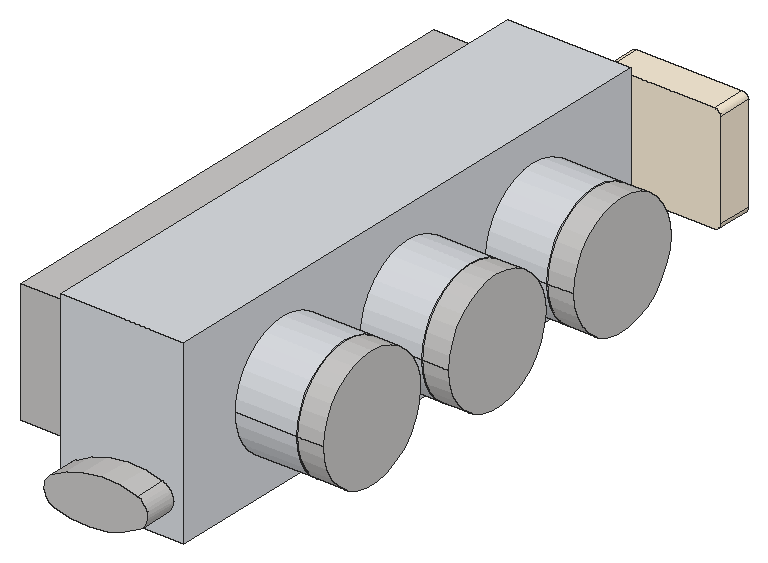
Revit family "HVAC_Ductwork_Airzone_Motorized-Plenum_LG_Standard_3-Dampers", category Mechanical Equipment, Revit 2016
Family settings
  Part Type = Normal
  Round Connector Dimension = Use Diameter
  OmniClass Number = 23.75.70.14
  OmniClass Title = Air Ductwork
  Work Plane-Based = No
  Always vertical = Yes
  Cut with Voids When Loaded = No
  Shared = No
  Room Calculation Point = No
Parameters (values of type "LGEST02S3")
  Voltage = 230 V
  URL = "www.airzone.es"
  Type Image Comments = "Image available in product documentation download"  # constant formula
  Revit Model Version = "1.0"  # constant formula
  Revit Model Author URL = "www.a3d.es"
  Revit Model Author = "A3D Consulting"  # constant formula
  Product Documentation Download URL = "http://doc.airzone.es/BIM/Easyzone/LG-Airzone_motorized_plenum.zip"
  Product Comments = "Refer to technical documentation for further details"  # constant formula
  Power Factor = 1
  Neck Width = 860.600 mm
  Neck Length = 95.000 mm
  Neck Height = 203.600 mm
  Material = Metal - AIRZONE - Galvanized Sheet - Semi-polished
  Main Control Board Material = Plastic - AIRZONE - Smooth - Off-white
  Load Classification = Other
  Insulated Body Width = 205.000 mm  # constant formula
  Insulated Body Material = Metal -AIRZONE - Insulating Lining -Aluminum Finish
  Insulated Body Length = 930.000 mm  # constant formula
  Insulated Body Height = 300.000 mm  # constant formula
  Flow [instance] = Damper 3 Air Flow + Damper 2 Air Flow + Damper 1 Air Flow - Fresh Air Inlet 2 Flow - Fresh Air Inlet 1 Flow  # 900 m³/h
  Fresh Air Inlet 1 Flow [instance] = 0 m³/h
  Fresh Air Inlet 2 Flow [instance] = 0 m³/h
  Fresh Air Inlet Connection Width = 175.000 mm
  Fresh Air Inlet Connection Height = 75.000 mm
  Model = "LGEST02S3"
  Neck Side Offset = 34.700 mm
  Neck Bottom Offset = 63.200 mm
  Type Image = <None>
  Manufacturer = "AIRZONE"  # constant formula
  Main Control Board Depth = 57.000 mm  # constant formula
  Main Control Board Width = 195.000 mm  # constant formula
  Main Control Board Height = 180.000 mm  # constant formula
  Fixing = ""
  Disclaimer = "All information provided in this model is reviewed before being published. However, Airzone cannot guarantee this model is error-free, therefore users are strongly encouraged to check for technical documentation and updates"  # constant formula
  Description = "Airzone standard motorized plenum with neck that mechanically adapts to the main ducted AC units of LG."
  Type Comments = ""
  Dampers Length = 149.000 mm  # constant formula
  Dampers Diameter = 200.000 mm  # constant formula
  Damper 1 Air Flow [instance] = 300 m³/h
  Damper 2 Air Flow [instance] = 300 m³/h
  Damper 3 Air Flow [instance] = 300 m³/h
  Fresh Air Inlet Connection Offset Height = 48.305 mm  # constant formula
  Compatible Accesories = ""
  Apparent Load = 57.5 VA
Types (3, lengths in mm): name | Neck Width | Neck Height | Model | Neck Side Offset | Neck Bottom Offset
  LGEST02S3 | 860.600 | 203.600 | "LGEST02S3" | 34.700 | 63.200
  LGEST01M3 | 833.600 | 189.600 | "LGEST01M3" | 59.200 | 77.200
  LGEST01S3 | 753.600 | 166.600 | "LGEST01S3" | 88.200 | 100.200
Reference planes
  plane 1 "Center (Front/Back)": y = 0
  plane 2 "Center (Elevation)": z = 0
  plane 3 "Center (Left/Right)": x = 0
  plane 4 "Neck Back": y = 430.3
  plane 5 "Neck Front": y = -430.3
  plane 6 "Neck Top": z = 101.8
  plane 7 "Neck Bottom": z = -101.8
  plane 8 "Left": x = 95
  plane 9 "Bottom": z = -165
  plane 10 "Top": z = 135
  plane 11 "Front": y = -465
  plane 12 "Back": y = 465
  plane 13 "Right": x = 300
  plane 14 "Dampers Front": x = 449
  plane 15 "Dampers Center (Elevation)": z = -15
  plane 16 "Damper3": y = -260
  plane 17 "Damper2": y = 0
  plane 18 "Damper1": y = 260
  plane 19 "Middle": y = 0
  plane 20 "FreshAir Center (Elevation)": z = -116.695
  plane 21 "FreshAir1": y = 517.5
  plane 22 "FreshAir2": y = -517.5
  plane 23 "Dampers Lining": x = 404
  plane 24 "FreshAir Vertical Axis": x = 195.83
  plane 25 "ConnectionBox Side": x = 254
  plane 26 "Main Control Board Center (Left/Right)": x = 351.5
Forms (mm)
  Extrusion 1, solid, material "Metal - AIRZONE - Galvanized Sheet - Semi-polished" <- "Material"
    sketch origin (0, 0, 0) x (0, 1, 0) y (0, 0, 1)
      loop
        line (-430.3, 101.8) -> (-430.3, -101.8) -> (430.3, -101.8) -> (430.3, 101.8) -> (-430.3, 101.8)
    from 0 to 95
  Extrusion 2, solid, material "Metal -AIRZONE - Insulating Lining -Aluminum Finish" <- "Insulated Body Material"
    sketch origin (95, 0, 0) x (0, 1, 0) y (0, 0, 1)
      loop
        line (-465, 135) -> (-465, -165) -> (465, -165) -> (465, 135) -> (-465, 135)
    from 0 to 205
  Extrusion 3, solid, material "Metal - AIRZONE - Galvanized Sheet - Semi-polished" <- "Material"
    sketch origin (300, 0, 0) x (0, 1, 0) y (0, 0, 1)
      loop
        circle (-260, -15) r 100
    from 104 to 149
  Extrusion 4, solid, material "Metal - AIRZONE - Galvanized Sheet - Semi-polished" <- "Material"
    sketch origin (300, 0, 0) x (0, 1, 0) y (0, 0, 1)
      loop
        circle (0, -15) r 100
    from 104 to 149
  Extrusion 5, solid, material "Metal - AIRZONE - Galvanized Sheet - Semi-polished" <- "Material"
    sketch origin (300, 0, 0) x (0, 1, 0) y (0, 0, 1)
      loop
        circle (260, -15) r 100
    from 104 to 149
  Extrusion 6, solid, material "Metal - AIRZONE - Galvanized Sheet - Semi-polished" <- "Material"
    sketch origin (0, -465, 0) x (0, 0, 1) y (1, 0, 0)
      loop
        arc (-84.141, 265.204) -> (-105.608, 282.105) -> (-130.312, 270.434) r 25.96
        arc (-130.312, 270.434) -> (-156.302, 200.598) -> (-148.849, 126.456) r 164.67
        arc (-148.849, 126.456) -> (-127.665, 109.589) -> (-102.994, 120.751) r 25.96
        arc (-102.994, 120.751) -> (-76.725, 190.78) -> (-84.141, 265.204) r 164.67
    from 0 to -52.5
  Extrusion 7, solid, material "Metal - AIRZONE - Galvanized Sheet - Semi-polished" <- "Material"
    sketch origin (0, 465, 0) x (0, 0, 1) y (1, 0, 0)
      loop
        arc (-84.141, 265.204) -> (-105.325, 282.071) -> (-129.996, 270.909) r 25.96
        arc (-129.996, 270.909) -> (-156.179, 201.53) -> (-149.267, 127.699) r 164.67
        arc (-149.267, 127.699) -> (-128.032, 109.637) -> (-102.678, 121.226) r 25.96
        arc (-102.678, 121.226) -> (-76.688, 191.062) -> (-84.141, 265.204) r 164.67
    from 0 to 52.5
  Extrusion 8, solid, material "Metal -AIRZONE - Insulating Lining -Aluminum Finish" <- "Insulated Body Material"
    sketch origin (300, 0, 0) x (0, 1, 0) y (0, 0, 1)
      loop
        circle (260, -15) r 100
    from 0 to 104
  Extrusion 9, solid, material "Metal -AIRZONE - Insulating Lining -Aluminum Finish" <- "Insulated Body Material"
    sketch origin (300, -260, 0) x (0, 1, 0) y (0, 0, 1)
      loop
        circle (260, -15) r 100
    from 0 to 104
  Extrusion 10, solid, material "Metal -AIRZONE - Insulating Lining -Aluminum Finish" <- "Insulated Body Material"
    sketch origin (300, -520, 0) x (0, 1, 0) y (0, 0, 1)
      loop
        circle (260, -15) r 100
    from 0 to 104
Lines and regions (mm)
  Masking region 1
    outline origin (0, 0, 0) x (1, 0, 0) y (0, 1, 0)
      loop
        line (95, 465) -> (95, -465) -> (300, -465) -> (300, 465) -> (95, 465)
  Masking region 2, detail levels medium+fine
    outline origin (0, 0, 0) x (1, 0, 0) y (0, 1, 0)
      loop
        line (0, 430.3) -> (0, -430.3) -> (95, -430.3) -> (95, 430.3) -> (0, 430.3)
  Masking region 3, detail levels medium+fine
    outline origin (0, 0, 0) x (1, 0, 0) y (0, 1, 0)
      loop
        line (300, -160) -> (300, -360) -> (449, -360) -> (449, -160) -> (300, -160)
  Masking region 4, detail levels medium+fine
    outline origin (0, 260, 0) x (1, 0, 0) y (0, 1, 0)
      loop
        line (300, -160) -> (300, -360) -> (449, -360) -> (449, -160) -> (300, -160)
  Masking region 5, detail levels medium+fine
    outline origin (0, 520, 0) x (1, 0, 0) y (0, 1, 0)
      loop
        line (300, -160) -> (300, -360) -> (449, -360) -> (449, -160) -> (300, -160)
  Masking region 6, detail levels medium+fine
    outline origin (0, 0, -116.695) x (1, 0, 0) y (0, 1, 0)
      loop
        line (108.33, 517.5) -> (108.33, 465) -> (283.33, 465) -> (283.33, 517.5) -> (108.33, 517.5)
  Masking region 7, detail levels medium+fine
    outline origin (0, 0, -116.695) x (1, 0, 0) y (0, 1, 0)
      loop
        line (108.33, -465) -> (108.33, -517.5) -> (283.33, -517.5) -> (283.33, -465) -> (108.33, -465)
  Masking region 8, detail levels medium+fine
    outline origin (0, 0, 135) x (0, -1, 0) y (1, 0, 0)
      loop
        line (-522, 254) -> (-465, 254) -> (-465, 449) -> (-522, 449) -> (-522, 254)
  symbolic lines, detail levels coarse
    curve 1: line (95, -465, 0) -> (300, 0, 0)
    curve 2: line (300, 0, 0) -> (95, 465, 0)
Dimensions and locks
  equal spacing: plane 4 "Neck Back", plane 1 "Center (Front/Back)", plane 5 "Neck Front"
  "Neck Width": plane 4 "Neck Back" to plane 5 "Neck Front"
  equal spacing: plane 6 "Neck Top", level, plane 7 "Neck Bottom"
  "Neck Height": plane 6 "Neck Top" to plane 7 "Neck Bottom"
  "Neck Length": plane 3 "Center (Left/Right)" to plane 8 "Left"
  "Neck Bottom Offset": plane 7 "Neck Bottom" to plane 9 "Bottom"
  "Insulated Body Height": plane 10 "Top" to plane 9 "Bottom"
  "Insulated Body Length": plane 12 "Back" to plane 11 "Front"
  "Insulated Body Width": plane 8 "Left" to plane 13 "Right"
  "Dampers Length": plane 13 "Right" to plane 14 "Dampers Front"
  equal spacing: plane 10 "Top", plane 15 "Dampers Center (Elevation)", plane 9 "Bottom"
  plane 18 "Damper1" to plane 17 "Damper2" to plane 16 "Damper3" = 260.000 mm locked, 260.000 mm locked
  equal spacing: plane 12 "Back", plane 19 "Middle", plane 11 "Front"
  plane 8 "Left" to plane 13 "Right" = 205.000 mm
  "Fresh Air Inlet Connection Offset Height": plane 20 "FreshAir Center (Elevation)" to plane 9 "Bottom"
  locked: Extrusion 6 sketch curve to plane 9 "Bottom" at 56.47
  locked: plane 13 "Right" to Extrusion 6 sketch curve at 43.69
  locked: plane 13 "Right" to Extrusion 6 sketch curve at 164.65
  locked: Extrusion 6 sketch curve to plane 9 "Bottom" at 40.54
  locked: plane 13 "Right" to Extrusion 6 sketch curve at 87.91
  locked: plane 9 "Bottom" to Extrusion 6 sketch curve at 75.01
  locked: plane 13 "Right" to Extrusion 6 sketch curve at 120.43
  locked: Extrusion 6 sketch curve to plane 9 "Bottom" at 172.02
  locked: plane 13 "Right" to Extrusion 7 sketch curve at 43.69
  locked: Extrusion 7 sketch curve to plane 9 "Bottom" at 56.47
  locked: Extrusion 7 sketch curve to plane 9 "Bottom" at 40.54
  locked: plane 13 "Right" to Extrusion 7 sketch curve at 164.65
  locked: plane 13 "Right" to Extrusion 7 sketch curve at 120.43
  locked: Extrusion 7 sketch curve to plane 9 "Bottom" at 172.02
  locked: plane 9 "Bottom" to Extrusion 7 sketch curve at 75.01
  locked: plane 13 "Right" to Extrusion 7 sketch curve at 87.91
  "Neck Side Offset": plane 12 "Back" to plane 4 "Neck Back"
  equal spacing: plane 12 "Back", plane 17 "Damper2", plane 11 "Front"
  locked: plane 21 "FreshAir1" to plane 12 "Back" at 52.5
  plane 11 "Front" to plane 22 "FreshAir2" = 52.500 mm
  locked: connector elem to plane 13 "Right" at 104.17
  locked: plane 20 "FreshAir Center (Elevation)" to connector elem
  locked: plane 13 "Right" to connector elem at 104.17
  locked: connector elem to plane 20 "FreshAir Center (Elevation)"
  locked: plane 23 "Dampers Lining" to plane 14 "Dampers Front" at 45
  locked: plane 24 "FreshAir Vertical Axis" to plane 13 "Right" at 104.17
  equal spacing: Masking region 3 sketch curve, plane 16 "Damper3", Masking region 3 sketch curve
  "Dampers Diameter": Masking region 3 sketch curve to Masking region 3 sketch curve
  equal spacing: Masking region 4 sketch curve, plane 17 "Damper2", Masking region 4 sketch curve
  "Dampers Diameter": Masking region 4 sketch curve to Masking region 4 sketch curve
  equal spacing: Masking region 5 sketch curve, plane 18 "Damper1", Masking region 5 sketch curve
  "Dampers Diameter": Masking region 5 sketch curve to Masking region 5 sketch curve
  equal spacing: Masking region 6 sketch curve, plane 24 "FreshAir Vertical Axis", Masking region 6 sketch curve
  "Fresh Air Inlet Connection Width": Masking region 6 sketch curve to Masking region 6 sketch curve
  equal spacing: Masking region 7 sketch curve, plane 24 "FreshAir Vertical Axis", Masking region 7 sketch curve
  "Fresh Air Inlet Connection Width": Masking region 7 sketch curve to Masking region 7 sketch curve
  "Main Control Board Depth": Masking region 8 sketch curve to plane 12 "Back"
  "Main Control Board Width": plane 25 "ConnectionBox Side" to plane 14 "Dampers Front"
  equal spacing: plane 25 "ConnectionBox Side", plane 26 "Main Control Board Center (Left/Right)", plane 14 "Dampers Front"
  locked: nested 1 to plane 10 "Top" at 10
  "Dampers Diameter": diameter of Extrusion 3 sketch curve
  "Dampers Diameter": diameter of Extrusion 4 sketch curve
  "Dampers Diameter": diameter of Extrusion 5 sketch curve
  radius of Extrusion 7 sketch curve = 164.670 mm  (x2)
  radius of Extrusion 7 sketch curve = 25.960 mm  (x2)
  radius of Extrusion 6 sketch curve = 164.670 mm  (x2)
  radius of Extrusion 6 sketch curve = 25.960 mm  (x2)
  "Dampers Diameter": diameter of Extrusion 8 sketch curve
  "Dampers Diameter": diameter of Extrusion 9 sketch curve
  "Dampers Diameter": diameter of Extrusion 10 sketch curve
  aligned and locked: level to plane 2 "Center (Elevation)"
  aligned and locked: plane 5 "Neck Front" to Extrusion 1 sketch curve
  aligned and locked: Extrusion 1 sketch curve to plane 6 "Neck Top"
  aligned and locked: Extrusion 1 sketch curve to plane 4 "Neck Back"
  aligned and locked: plane 7 "Neck Bottom" to Extrusion 1 sketch curve
  aligned and locked: Extrusion 1 to plane 3 "Center (Left/Right)"
  aligned and locked: Extrusion 2 sketch curve to plane 10 "Top"
  aligned and locked: Extrusion 2 sketch curve to plane 12 "Back"
  aligned and locked: plane 9 "Bottom" to Extrusion 2 sketch curve
  aligned and locked: plane 11 "Front" to Extrusion 2 sketch curve
  aligned and locked: plane 13 "Right" to Extrusion 2
  aligned and locked: Extrusion 2 to plane 8 "Left"
  aligned and locked: plane 16 "Damper3" to Extrusion 3 sketch curve
  aligned and locked: plane 15 "Dampers Center (Elevation)" to Extrusion 3 sketch curve
  aligned and locked: plane 17 "Damper2" to Extrusion 4 sketch curve
  aligned and locked: plane 15 "Dampers Center (Elevation)" to Extrusion 4 sketch curve
  aligned and locked: plane 18 "Damper1" to Extrusion 5 sketch curve
  aligned and locked: plane 15 "Dampers Center (Elevation)" to Extrusion 5 sketch curve
  aligned and locked: plane 14 "Dampers Front" to Extrusion 5
  aligned and locked: plane 14 "Dampers Front" to Extrusion 4
  aligned and locked: plane 14 "Dampers Front" to Extrusion 3
  aligned and locked: plane 8 "Left" to Extrusion 1
  aligned and locked: plane 22 "FreshAir2" to Extrusion 6
  aligned and locked: plane 21 "FreshAir1" to Extrusion 7
  aligned and locked: Extrusion 7 to plane 12 "Back"
  aligned and locked: plane 11 "Front" to Extrusion 6
  aligned and locked: Extrusion 5 to plane 23 "Dampers Lining"
  aligned and locked: Extrusion 5 to Extrusion 4
  aligned and locked: Extrusion 4 to Extrusion 3
  aligned and locked: plane 23 "Dampers Lining" to Extrusion 8
  aligned and locked: Extrusion 10 to plane 13 "Right"
  aligned and locked: plane 23 "Dampers Lining" to Extrusion 10
  aligned and locked: Extrusion 9 to plane 13 "Right"
  aligned and locked: plane 23 "Dampers Lining" to Extrusion 9
  aligned and locked: Extrusion 8 to plane 13 "Right"
  aligned and locked: Extrusion 9 to Extrusion 8
  aligned and locked: plane 18 "Damper1" to Extrusion 8 sketch curve
  aligned and locked: plane 15 "Dampers Center (Elevation)" to Extrusion 8 sketch curve
  aligned and locked: plane 17 "Damper2" to Extrusion 9 sketch curve
  aligned and locked: plane 15 "Dampers Center (Elevation)" to Extrusion 9 sketch curve
  aligned and locked: plane 16 "Damper3" to Extrusion 10 sketch curve
  aligned and locked: plane 15 "Dampers Center (Elevation)" to Extrusion 10 sketch curve
  aligned and locked: Masking region 1 sketch curve to plane 12 "Back"
  aligned and locked: plane 8 "Left" to Masking region 1 sketch curve
  aligned and locked: Masking region 1 sketch curve to plane 13 "Right"
  aligned and locked: plane 11 "Front" to Masking region 1 sketch curve
  aligned and locked: plane 5 "Neck Front" to Masking region 2 sketch curve
  aligned and locked: plane 3 "Center (Left/Right)" to Masking region 2 sketch curve
  aligned and locked: Masking region 2 sketch curve to plane 4 "Neck Back"
  aligned and locked: Masking region 2 sketch curve to plane 8 "Left"
  aligned and locked: plane 13 "Right" to Masking region 3 sketch curve
  aligned and locked: Masking region 3 sketch curve to plane 14 "Dampers Front"
  aligned and locked: plane 13 "Right" to Masking region 4 sketch curve
  aligned and locked: Masking region 4 sketch curve to plane 14 "Dampers Front"
  aligned and locked: plane 13 "Right" to Masking region 5 sketch curve
  aligned and locked: Masking region 5 sketch curve to plane 14 "Dampers Front"
  aligned and locked: plane 12 "Back" to Masking region 6 sketch curve
  aligned and locked: Masking region 6 sketch curve to plane 21 "FreshAir1"
  aligned and locked: Masking region 7 sketch curve to plane 11 "Front"
  aligned and locked: Masking region 7 sketch curve to plane 22 "FreshAir2"
  aligned and locked: plane 12 "Back" to Masking region 8 sketch curve
  aligned and locked: Masking region 8 sketch curve to plane 14 "Dampers Front"
  aligned and locked: plane 25 "ConnectionBox Side" to Masking region 8 sketch curve
  aligned and locked: nested 1 to plane 26 "Main Control Board Center (Left/Right)"
Automatic sketch dimensions
  curve 2 to plane 8 "Left" = 0.000 mm
  curve 1 to plane 8 "Left" = 0.000 mm
  curve 1 to plane 13 "Right" = 0.000 mm
  curve 1 to plane 11 "Front" = 0.000 mm
  curve 2 to plane 17 "Damper2" = 0.000 mm
  curve 2 to plane 12 "Back" = 0.000 mm
Nested families
  nested 1: "Airzone_Main-Control-Board" at (351.5, 465, 35) x (-1, 0, 0) z (0, 1, 0), Extrusion <- "Main Control Board Depth", Height <- "Main Control Board Height", Width <- "Main Control Board Width", Material <- "Main Control Board Material", type "Standard"
    with Width 195.000 mm, Material Plastic - AIRZONE - Smooth - Off-white, Height 180.000 mm, Extrusion 57.000 mm
Connectors
  hvac at (449, -260, -15), driven by "Damper 3 Air Flow", driven by "Dampers Diameter"
    settings: on Extrusion 3, index 1, duct flow 300 m³/h, flow factor 0, pres drop 0.0 Pa, loss coef 0, conn angle 0.00°, conn width 304.8 mm, conn height 304.8 mm, conn diameter 200 mm, duct sys type 1, conn prof type 0, flow config 0, flow direction 2, loss method 0, conn ref index -1, conn util no, is conn primary no, conn desc "Supply Air Out 3"
  hvac at (449, 0, -15), driven by "Damper 2 Air Flow", driven by "Dampers Diameter"
    settings: on Extrusion 4, index 2, duct flow 300 m³/h, flow factor 0, pres drop 0.0 Pa, loss coef 0, conn angle 0.00°, conn width 304.8 mm, conn height 304.8 mm, conn diameter 200 mm, duct sys type 1, conn prof type 0, flow config 0, flow direction 2, loss method 0, conn ref index -1, conn util no, is conn primary no, conn desc "Supply Air Out 2"
  hvac at (449, 260, -15), driven by "Damper 1 Air Flow", driven by "Dampers Diameter"
    settings: on Extrusion 5, index 3, duct flow 300 m³/h, flow factor 0, pres drop 0.0 Pa, loss coef 0, conn angle 0.00°, conn width 304.8 mm, conn height 304.8 mm, conn diameter 200 mm, duct sys type 1, conn prof type 0, flow config 0, flow direction 2, loss method 0, conn ref index -1, conn util no, is conn primary no, conn desc "Supply Air Out 1"
  hvac at (0, 0, 0), driven by "Flow", driven by "Neck Height", driven by "Neck Width"
    settings: on Extrusion 1, index 6, duct flow 900 m³/h, flow factor 0, pres drop 0.0 Pa, loss coef 0, conn angle 0.00°, conn width 860.6 mm, conn height 203.6 mm, conn diameter 609.6 mm, duct sys type 1, conn prof type 1, flow config 1, flow direction 1, loss method 0, conn ref index -1, conn util no, is conn primary yes, conn desc "Supply Air In"
  hvac at (195.83, -517.5, -116.695), driven by "Fresh Air Inlet 2 Flow", driven by "Fresh Air Inlet Connection Width", driven by "Fresh Air Inlet Connection Height"
    settings: index 7, duct flow 0 m³/h, flow factor 0, pres drop 0.0 Pa, loss coef 0, conn angle 0.00°, conn width 175 mm, conn height 75 mm, conn diameter 609.6 mm, duct sys type 1, conn prof type 2, flow config 1, flow direction 1, loss method 0, conn ref index -1, conn util no, is conn primary no, conn desc "Fresh Air In 2"
  hvac at (195.83, 517.5, -116.695), driven by "Fresh Air Inlet 1 Flow", driven by "Fresh Air Inlet Connection Height", driven by "Fresh Air Inlet Connection Width"
    settings: index 8, duct flow 0 m³/h, flow factor 0, pres drop 0.0 Pa, loss coef 0, conn angle 0.00°, conn width 175 mm, conn height 75 mm, conn diameter 609.6 mm, duct sys type 1, conn prof type 2, flow config 1, flow direction 1, loss method 0, conn ref index -1, conn util no, is conn primary no, conn desc "Fresh Air In 1"
  electrical at (351.5, 522, 35), driven by "Load Classification", driven by "Voltage", driven by "Apparent Load", driven by "Power Factor"
    settings: on nested 1, index 9, voltage 230 V, apparent load 57.5 VA, apparent load phase1 0 VA, apparent load phase2 0 VA, apparent load phase3 0 VA, power factor 1, load classification "Other", number of poles 1, system type 30, power factor state 1, is connector primary yes, connector utility no, sub classification motor no, connector description "Power Supply"
Definition of nested family "Airzone_Main-Control-Board"
  Parameters (values of type "Standard")
    Width [instance] = 195.000 mm
    URL = "www.airzone.es"
    Revit Model Version = "1.0"  # constant formula
    Revit Model Author URL = "www.a3d.es"
    Revit Model Author = "A3D Consulting"  # constant formula
    Material [instance] = none
    Manufacturer = "AIRZONE"  # constant formula
    Height [instance] = 180.000 mm
    Extrusion [instance] = 57.000 mm
    Default Elevation = 0.000 mm
  Reference planes
    plane 1 "Center (Front/Back)": y = 0
    plane 2: z = 0
    plane 3 "Center (Left/Right)": x = 0
    plane 4: y = 90
    plane 5: y = -90
    plane 6: x = 97.5
    plane 7: x = -97.5
  Forms (mm)
    Extrusion 1, solid, material <- "Material"
      sketch origin (0, 0, 0) x (1, 0, 0) y (0, 1, 0)
        loop
          arc (-87.5, 90) -> (-94.571, 87.071) -> (-97.5, 80) r 10
          line (-97.5, 80) -> (-97.5, -80)
          arc (-97.5, -80) -> (-94.571, -87.071) -> (-87.5, -90) r 10
          line (-87.5, -90) -> (87.5, -90)
          arc (87.5, -90) -> (94.571, -87.071) -> (97.5, -80) r 10
          line (97.5, -80) -> (97.5, 80)
          arc (97.5, 80) -> (94.571, 87.071) -> (87.5, 90) r 10
          line (87.5, 90) -> (-87.5, 90)
      from 0 to 57 <- "Extrusion"
  Dimensions and locks
    equal spacing: plane 7, plane 3 "Center (Left/Right)", plane 6
    equal spacing: plane 4, plane 1 "Center (Front/Back)", plane 5
    "Width": plane 7 to plane 6
    "Height": plane 4 to plane 5
    radius of Extrusion 1 sketch curve = 10.000 mm  (x4)
    aligned and locked: level to plane 2
    aligned and locked: plane 5 to Extrusion 1 sketch curve
    aligned and locked: Extrusion 1 sketch curve to plane 6
    aligned and locked: Extrusion 1 sketch curve to plane 4
    aligned and locked: plane 7 to Extrusion 1 sketch curve
